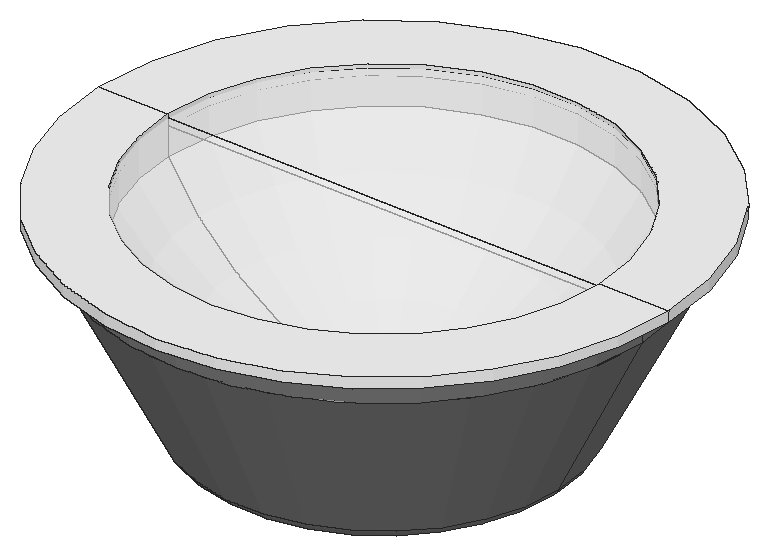
Revit family "30512", category Lighting Fixtures, host Face, Revit 2018
Family settings
  Host = Face
  Round Connector Dimension = Use Diameter
  Part Type = Normal
  OmniClass Number = 23.80.70.00
  OmniClass Title = Lighting
  Cut with Voids When Loaded = No
  Light Source = Yes
  Shared = No
  Room Calculation Point = No
Parameters (values of type "0030512 INSAVER SLIM UGR19 IP44 200 2350 830 SQ ")
  WidthBezel_SYL = if(Size1_SYL, 20 mm, if(Size2_SYL, 20 mm, if(Size3PIR_SYL, 30 mm, if(Size4_SYL, 20 mm, 20 mm))))  # 20 mm
  Weight = "n/a"
  Wattage Comments = ""
  Wattage = 12 W
  WarrantyStartDate [instance] = "n/a"
  WarrantyGuarantorParts = "n/a"
  WarrantyDurationUnit = "n/a"
  WarrantyDurationParts = ""
  WarrantyDescription = "http://www.sylvania-lighting.com"
  built-in parameter 1150110 = 1 (stored number, unit not read)
  Voltage = 230 V
  VisibilityPIR_SYL = Size3PIR_SYL  # no
  URL = "0.9"
  TypeName = "Insaver Slim UGR19 IP44 200 2350lm 830 Square"
  Type Image = <None>
  Type Comments = "n/a"
  built-in parameter 1114217 = 1 (stored number, unit not read)
  Tilt Angle = -90.00°
  built-in parameter 1150109 = 1 (stored number, unit not read)
  built-in parameter 1150134 = (empty or 0)
  built-in parameter 1150113 = 1 (stored number, unit not read)
  Size4_SYL = no
  Size3PIR_SYL = no
  Size2_SYL = no
  Size1_SYL = yes
  SerialNumber [instance] = "n/a"
  RadiusTop_SYL = 6 mm
  RadiusReflector_SYL = if(Size1_SYL, 85 mm, if(Size2_SYL, 85 mm, if(Size3PIR_SYL, 85 mm, if(Size4_SYL, 100 mm, 120 mm))))  # 85 mm
  Photometric Web File = "0030512.IES"
  Material_3_FEILO = Top-Sylvania-STARTDownlight
  PowerFactor = 0.9
  PowerConsumption = "Lighting"
  NominalLength = 217 mm
  NominalHeight = 50 mm
  NominalDepth = 165 mm
  Name = "Insaver Slim UGR19 IP44 200 2350lm 830 Square"
  ModelReference = Name  # "Insaver Slim UGR19 IP44 200 2350lm 830 Square"
  ModelNumber = "0030512"
  Model = Name  # "Insaver Slim UGR19 IP44 200 2350lm 830 Square"
  Material = "Feilo Sylvania"
  ManufacturerName = "118 lm/W"
  Manufacturer = ""
  LuminousEfficacy = ""
  built-in parameter 1150105 = 31.446 (stored number, unit not read)
  Lumens = 395.16 lm
  LuminaireType = "0"
  built-in parameter 1150115 = 1 (stored number, unit not read)
  LightOutputRatio = "LED"
  built-in parameter 1150137 = (empty or 0)
  built-in parameter 1150139 = (empty or 0)
  LampsType = Lamp  # "n/a"
  LampNominalLuminous = "3000 K"
  LampMacAdamStep = "80"
  LampColourTemperature = "LED"
  LampColourRenderingIndex = "16500"
  built-in parameter 1150112 = 1 (stored number, unit not read)
  built-in parameter 1150114 = 1 (stored number, unit not read)
  Lamp = "n/a"
  Keynote = "n/a"
  InstallationDate [instance] = "n/a"
  InputVoltage = "0"
  InputNominalFrequency = "3000"
  built-in parameter 1150132 = (empty or 0)
  built-in parameter 1150102 = (empty or 0)
  built-in parameter 1150107 = 3000 (stored number, unit not read)
  built-in parameter 1150138 = (empty or 0)
  IngressProtection = "IfcLightFixtureType"
  ImpactProtectionIndex = "IfcLightFixtureType"
  built-in parameter 1150106 = 0.31446 (stored number, unit not read)
  IfcExportType = "IfcLightFixtureType"
  IfcExportAs = "Class II"
  Height_SYL = if(Size1_SYL, 61 mm, if(Size2_SYL, 61 mm, if(Size3PIR_SYL, 61 mm, if(Size4_SYL, 61 mm, 60 mm))))  # 61 mm
  HeightBezel_SYL = if(Size1_SYL, 3 mm, if(Size2_SYL, 3 mm, if(Size3PIR_SYL, 3 mm, if(Size4_SYL, 3.2 mm, 3 mm))))  # 3 mm
  ExpectedLife = 50000
  Emit from Circle Diameter = Diameter_SYL - 40 mm  # 125 mm
  Emit Shape Visible in Rendering = no
  ElectricShockClassification = "118"
  built-in parameter 1150104 = 3.0593 (stored number, unit not read)
  DurationUnit = "hours"
  DocumentationLiterature = "http://www.sylvania-lighting.com/product/en-int/products/0030512"
  DimmingControlOptions = "n/a"
  Material_2_FEILO = Diffuser-Sylvania-STARTDownlight
  Dimming Lamp Color Temperature Shift = <None>
  Diameter_SYL = if(Size1_SYL, 165 mm, if(Size2_SYL, 190 mm, if(Size3PIR_SYL, 211 mm, if(Size4_SYL, 220 mm, 240 mm))))  # 165 mm
  DiameterTop_SYL = if(Size1_SYL, 98 mm, if(Size2_SYL, 122 mm, if(Size3PIR_SYL, 120 mm, if(Size4_SYL, 135 mm, 158 mm))))  # 98 mm
  DiameterTopBase_SYL = DiameterRecess_SYL  # 150 mm
  DiameterRecess_SYL = if(Size1_SYL, 150 mm, if(Size2_SYL, 170 mm, if(Size3PIR_SYL, 186 mm, if(Size4_SYL, 200 mm, 225 mm))))  # 150 mm
  Description = "Insaver Slim is a ceiling recessed LED downlight (IP44 from the front),Die-cast aluminium body, loop in loop out connector for quick installation, Non dimmable LED driver, 20W; 2350lm; 118lm/W; 3000K; UGR <19 with shallow product depth 65mm. Meets TP(a) requirements."
  Default Elevation = 1219.2 mm
  CreatedOn = "06/03/2024"
  CreatedBy = "@sylvania-lighting.com"
  Cost = 0
  Color Filter = 16777215
  built-in parameter 1114216 [instance] = (empty or 0)
  ClassificationValue = "EF_70_80"
  ClassificationName = "Uniclass2015"
  Material_1_FEILO = Trim-Sylvania-STARTDownlight-White
  BarCode [instance] = "n/a"
  built-in parameter 1114218 = 1 (stored number, unit not read)
  built-in parameter 1150133 = 10 (stored number, unit not read)
  AssetType = "Fixed"
  AssetIdentifier [instance] = "n/a"
  Assembly Code = "D5020200"
  Apparent Load = 20 VA
  Material_4_FEILO = LED-Sylvania-STARTDownlight
Reference planes
  plane 1 "Center (Front/Back)": y = 0
  plane 2: z = 0
  plane 3 "Center (Left/Right)": x = 0
  plane 4: x = 82.5
  plane 5: x = -82.5
  plane 6: z = 3
  plane 7: z = -8
  plane 8: z = -58
  plane 9: x = -75
  plane 10: x = 75
  plane 11: x = -49
  plane 12: x = 49
  plane 13: z = -85
  plane 14: x = -62.5
  plane 15: z = 2
  plane 16: z = -46
  plane 17: x = -16
  plane 18: x = -67.5
  plane 19: x = -81.5
  plane 20: x = -99.5
  plane 21: x = -76.5
  plane 22: z = 5.5
  plane 23: z = 8.7
  plane 24: x = -75.5
  plane 25: z = 13.7
Forms (mm)
  Revolve 1, void
    sketch origin (0, 0, 0) x (1, 0, 0) y (0, 0, 1)
      loop
        line (0, 0) -> (-75, 0) -> (-75, -85) -> (0, -85) -> (0, 0)
      axis (0, 0) -> (0, -85)
    angle from 360 to 0
  Revolve 2, solid, material "Trim-Sylvania-STARTDownlight-White" <- "Material_1_FEILO"
    sketch origin (0, 0, 0) x (1, 0, 0) y (0, 0, 1)
      loop
        line (-62.5, 3) -> (-82.5, 3) -> (-82.5, 0) -> (-75, 0) -> (-75, -8) -> (-50.681, -54.768)
        arc (-50.681, -54.768) -> (-48.471, -57.129) -> (-45.357, -58) r 6
        line (-45.357, -58) -> (0, -58) -> (0, -46) -> (-16, -46)
        arc (-16, -46) -> (-42.718, -31.243) -> (-62.5, -8) r 85
        line (-62.5, -8) -> (-62.5, 3)
      axis (0, 3) -> (0, -58)
    angle from 360 to 0
  Revolve 3, solid, material "Diffuser-Sylvania-STARTDownlight" <- "Material_2_FEILO"
    sketch origin (0, 0, 0) x (1, 0, 0) y (0, 0, 1)
      loop
        line (-62.5, 0) -> (0, 0) -> (0, 2) -> (-62.5, 2) -> (-62.5, 0)
      axis (0, 2) -> (0, 0)
    angle from 360 to 0
  Revolve 4, solid, material "Trim-Sylvania-STARTDownlight-White" <- "Material_1_FEILO", visible <- "VisibilityPIR_SYL"
    sketch origin (0, 0, 0) x (1, 0, 0) y (0, 0, 1)
      loop
        line (-67.5, 3) -> (-67.5, 13.7)
        arc (-67.5, 13.7) -> (-72.217, 12.347) -> (-75.5, 8.7) r 8.9
        line (-75.5, 8.7) -> (-75.5, 5.5) -> (-76.5, 5.5) -> (-76.5, 3) -> (-67.5, 3)
      axis (-67.5, 13.7) -> (-67.5, 3)
    angle from 360 to 0
Dimensions and locks
  equal spacing: plane 4, plane 3 "Center (Left/Right)", plane 5
  "Diameter_SYL": plane 4 to plane 5
  equal spacing: plane 10, plane 3 "Center (Left/Right)", plane 9
  equal spacing: plane 12, plane 3 "Center (Left/Right)", plane 11
  "DiameterTop_SYL": plane 12 to plane 11
  "HeightBezel_SYL": plane 6 to plane 2
  "Height_SYL": plane 6 to plane 8
  locked: plane 2 to plane 7 at 8
  locked: plane 2 to plane 13 at 85
  "WidthBezel_SYL": plane 14 to plane 5
  locked: plane 6 to plane 15 at 1
  "DiameterRecess_SYL": plane 10 to plane 9
  locked: plane 3 "Center (Left/Right)" to plane 17 at 16
  locked: plane 16 to plane 8 at 12
  locked: plane 18 to plane 21 at 9
  locked: plane 22 to plane 6 at 2.5
  locked: plane 23 to plane 22 at 3.2
  locked: plane 18 to plane 24 at 8
  locked: plane 25 to plane 23 at 5
  locked: plane 25 to Revolve 4 sketch curve at 8.9
  locked: plane 18 to plane 5 at 15
  "RadiusReflector_SYL": radius of Revolve 2 sketch curve
  "RadiusTop_SYL": radius of Revolve 2 sketch curve
  aligned and locked: plane 2 to host face
  aligned and locked: level to host face
  aligned and locked: Revolve 1 sketch curve to plane 3 "Center (Left/Right)"
  aligned and locked: plane 3 "Center (Left/Right)" to Revolve 1 sketch curve
  aligned and locked: Revolve 1 sketch curve to plane 9
  aligned and locked: plane 13 to Revolve 1 sketch curve
  aligned and locked: plane 3 "Center (Left/Right)" to imposter light
  aligned and locked: imposter light to plane 15
  aligned and locked: imposter light to plane 1 "Center (Front/Back)"
  aligned and locked: Revolve 2 sketch curve to plane 3 "Center (Left/Right)"
  aligned and locked: Revolve 2 sketch curve to plane 6
  aligned and locked: Revolve 2 sketch curve to plane 5
  aligned and locked: Revolve 2 sketch curve to level
  aligned and locked: plane 7 to Revolve 2 sketch curve  (x2)
  aligned and locked: Revolve 2 sketch curve to plane 9
  aligned and locked: plane 8 to Revolve 2 sketch curve
  aligned and locked: Revolve 2 sketch curve to plane 14
  aligned and locked: plane 3 "Center (Left/Right)" to Revolve 2 sketch curve
  aligned and locked: Revolve 2 sketch curve to plane 16
  aligned and locked: Revolve 3 sketch curve to plane 3 "Center (Left/Right)"
  aligned and locked: Revolve 3 sketch curve to level
  aligned and locked: imposter light to Revolve 3 sketch curve  (x2)
  aligned and locked: Revolve 4 sketch curve to plane 18  (x2)
  aligned and locked: Revolve 4 sketch curve to plane 6
  aligned and locked: plane 22 to Revolve 4 sketch curve
  aligned and locked: plane 24 to Revolve 4 sketch curve
  aligned and locked: Revolve 4 sketch curve to Revolve 4 sketch curve
  aligned and locked: plane 21 to Revolve 4 sketch curve
Automatic sketch dimensions
  host sketch curve to host sketch curve = 2438.4 mm  (x2)
  plane 13 to Revolve 1 sketch curve = 524.6 mm
  Revolve 1 sketch curve to plane 6 = 2606.058 mm
  Revolve 1 sketch curve to level = 0 mm
  Revolve 2 sketch curve to plane 17 = 0 mm
  Revolve 2 sketch curve to plane 11 = 1.681 mm
  plane 11 to Revolve 2 sketch curve = 3.643 mm
  plane 13 to Revolve 2 sketch curve = 524.6 mm
  Revolve 2 sketch curve to Revolve 2 sketch curve = 2577.983 mm
  Revolve 3 sketch curve to plane 14 = 0 mm
  plane 13 to Revolve 3 sketch curve = 524.6 mm
  Revolve 3 sketch curve to plane 6 = 2606.058 mm
  Revolve 4 sketch curve to plane 23 = 0 mm
  plane 13 to Revolve 4 sketch curve = 524.6 mm
  Revolve 4 sketch curve to Revolve 4 sketch curve = 2595.358 mm
Connectors
  electrical at (0, 0, 0), driven by "Apparent Load", driven by "PowerFactor", driven by "Voltage"
    settings: index 1, voltage 230 V, apparent load 20 VA, apparent load phase1 0 VA, apparent load phase2 0 VA, apparent load phase3 0 VA, power factor 0.9, load classification "Lighting", number of poles 1, system type 30, power factor state 1, is connector primary yes, connector utility no, sub classification motor no, connector description ""
